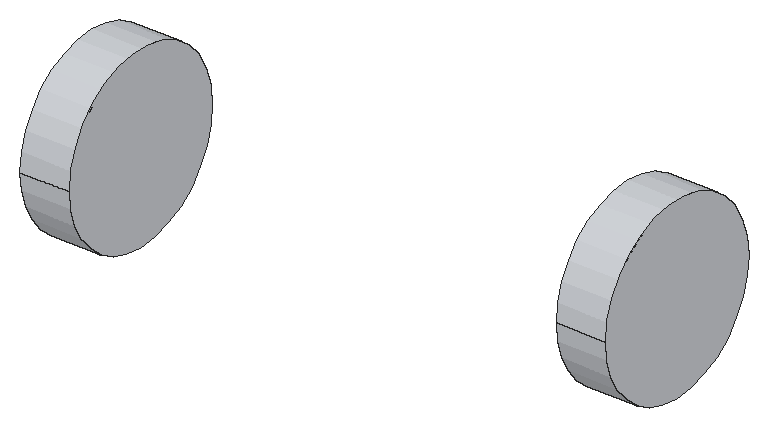
Revit family "SENT150S", category Mechanical Equipment, Revit 2013
Parameters
  Width (including controller) = "400mm"
  Width (excluding controller) = "306mm"
  Weight = "2kgs"
  Warranty period = "Unit 2 years,Motor 5 years"
  Spigot Diameter = "150mm"
  Product Description = "Sentinel D-Box Single Fan"
  Part Number = "SENT150S"
  Options = "Weatherproofed and Constant Pressure options"
  Operational and Maintenance Manual = "http://www.vent-axia.com/files/pdf-downloads/432395.pdf\r\n\r\n\r\n\r\nw.vent-axia.com/files/pdf-downloads/442880_1.pdf\r\nhttp://www.vent-axia.com/files/pdf-downloads/442880_1.pdf\r\nhttp://www.vent-axia.com/files/pdf-downloads/442880_1.pdf"
  Operating Temperature = "(-10C to +40C)"
  Motor Rating = "83 Watts (max)"
  Manufacturer - Website = "www.vent-axia.com"
  Manufacturer - Name = "Vent-Axia Ltd"
  Manufacturer - Email = "sales@vent-axia.com"
  Manufacturer - Contact Phone = "0844 856 0590"
  Manufacturer - Address = "Fleming Way, Crawley, West Sussex RH10 9YX"
  Length (including Spigots) = "443mm"
  IP Rating  Internal = "IPX2"
  Height = "192mm"
  Length (excluding Spigots) = "380mm"
  IP Rating  External (WP) = "IPX5"
  Country of Manufacture = "UK"
  Category = "Sentinel D-Box Single Fan"
  Accessories = "Flush Mounting Kit - 439256\r\n\r\nWhite Wall Kit - 245102\r\nBrown Wall Kit - 254100\r\nFilter (optional) - 439927\r\nDecoration Frame - 442551"
  AC Voltage Input = "220-240 V AC (single phase)"
  AC Frequency Input = "50Hz nominal"
Reference planes
  plane 1 "Center (Front/Back)": y = 0
  plane 2: z = 0
  plane 3 "Center (Left/Right)": x = 0
  plane 4: x = 208.406
  plane 5: y = 152.521
  plane 6: y = -153.479
  plane 7: x = -221.5
  plane 8: x = 221.5
Forms (mm)
  Extrusion 1, solid
    sketch origin (-116.381, -1699, 205.698) x (0, 0, -1) y (0, -1, 0)
      loop
        circle (72.807, -1698.616) r 75
    from -337.881 to -296.381
  Extrusion 2, solid
    sketch origin (-116.381, -1764, 202.573) x (0, 0, -1) y (0, -1, 0)
      loop
        circle (69.637, -1701.5) r 75
    from 63.619 to 105.119
Dimensions and locks
  aligned and locked: level to plane 2
Connectors
  hvac at (221.5, -0.479, 132.965)
    settings: on import instance, index 1, duct flow 0.0 L/s, flow factor 0, pres drop 0.0 Pa, loss coef 0, conn angle 0.00°, conn width 304.8 mm, conn height 304.8 mm, conn radius 75 mm, duct sys type 2, conn prof type 0, flow config 0, flow direction 0, loss method 0, conn ref index -1, conn util no, is conn primary yes, conn desc ""
  hvac at (-221.5, -62.479, 132.965)
    settings: on import instance, index 2, duct flow 0.0 L/s, flow factor 0, pres drop 0.0 Pa, loss coef 0, conn angle 0.00°, conn width 304.8 mm, conn height 304.8 mm, conn radius 75 mm, duct sys type 3, conn prof type 0, flow config 0, flow direction 0, loss method 0, conn ref index -1, conn util no, is conn primary no, conn desc ""
